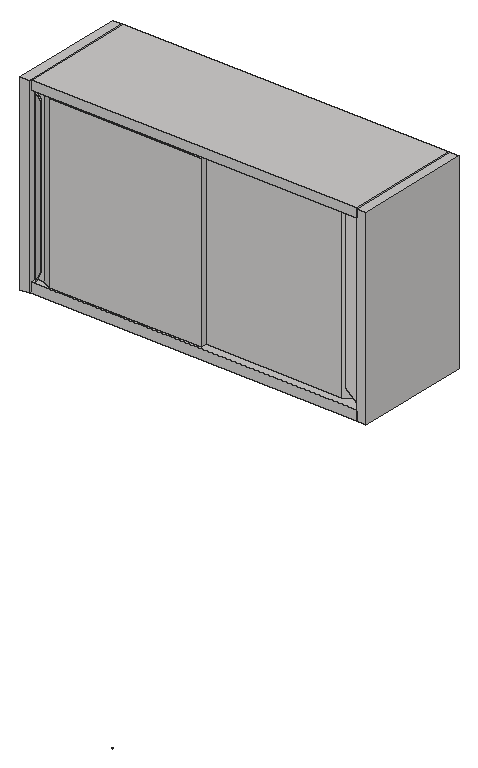
Revit family "QF_ELECTROLUXPROFESSIONAL_121883_TAPC12", category Attrezzature speciali, Revit 2020
Family settings
  Quota connettore circolare = Usa diametro
  Tipo di parte = Normale
  Basato su piano di lavoro = No
  Sempre verticale = Sì
  Taglio con vuoti quando caricato = No
  Condiviso = No
  Punto di calcolo locali = No
Parameters (values of type "Standard")
  Weight = 56.00 kg
  Watts = 0 W
  Volts = 0 V
  URL Manufacturer = "https://www.electroluxprofessional.com/"
  URL = "https://www.electroluxprofessional.com/"
  Steam Supply Size = 0 mm
  Steam Supply Minimum Pressure = 0.0 Pa
  Steam Supply Maximum Pressure = 0.0 Pa
  Steam Consumption per Hour = 0
  Refrigeration Suction Line Size = 0.0 mm
  Refrigeration Liquid Line Size = 0.0 mm
  Refrigerant Compressor Remote = yes
  Prospetto di default = 0.0 mm
  Phase = 0
  Modello = "TAPC12"
  Produttore = "Electrolux Professional"
  Length Actual = 1200.0 mm  # constant formula
  Item Number = "121883"
  Hot Water Size = 0 mm
  Height Actual = 660.0 mm  # constant formula
  HP = "0 HP"
  Gas Size = 0 mm
  Gas KW = 0
  Gas Input Pressure = 0 W
  Direct Waste Size = 0 mm
  Descrizione = "WALL CUPBOARD WITH SLIDING DOORS 1200MM"
  Depth Actual = 400.0 mm  # constant formula
  Cycle = 0 Hz
  Condensate Return Size = 0 mm
  Compressed Air Volume = 0.0 L/s
  Compressed Air Size = 0 mm
  Compressed Air Pressure = 0.0 Pa
  Cold Water Size = 0 mm
  Accessory = yes
Reference planes
  plane 1 "Center (Front/Back)": y = 0
  plane 2: z = 0
  plane 3 "Center (Left/Right)": x = -300
  plane 4 "LEFT": x = -900
  plane 5 "RIGHT": x = 300
  plane 6 "BACK": y = 200
  plane 7 "FRONT": y = -200
  plane 8 "Base": z = 2260
  plane 9 "BASE": z = 1600
  plane 10: x = -866
  plane 11: x = 266
  plane 12: y = -197
  plane 13: y = 170
Forms (mm)
  Extrusion 1, solid, material "QF_Finishes_Stainless Steel"
    sketch origin (0, 0, 1600) x (-1, 0, 0) y (0, -1, 0)
      loop
        line (900, -200) -> (900, 200) -> (866, 200) -> (866, -200) -> (900, -200)
      loop
        line (-266, -200) -> (-266, 200) -> (-300, 200) -> (-300, -200) -> (-266, -200)
    from 0 to 660
  Extrusion 2, solid, material "QF_Finishes_Stainless Steel"
    sketch origin (0, 0, 1600) x (-1, 0, 0) y (0, -1, 0)
      loop
        line (866, -170) -> (866, 197) -> (-266, 197) -> (-266, -170) -> (866, -170)
    from 0 to 35
  Extrusion 3, solid, material "QF_Finishes_Stainless Steel"
    sketch origin (0, 0, 0) x (1, 0, 0) y (0, 1, 0)
      loop
        line (-866, -197) -> (266, -197) -> (266, 200) -> (-866, 200) -> (-866, -197)
    from 2230 to 2260
  Extrusion 4, solid, material "QF_Finishes_Stainless Steel"
    sketch origin (0, 0, 1600) x (-1, 0, 0) y (0, -1, 0)
      loop
        line (866, -200) -> (866, -170) -> (-266, -170) -> (-266, -200) -> (866, -200)
    from 630 to 0
  Extrusion 5, solid, material "QF_Finishes_Stainless Steel"
    sketch origin (0, 0, 0) x (1, 0, 0) y (0, 1, 0)
      loop
        line (-326.5, -177) -> (198, -177) -> (233, -162) -> (263, -162) -> (263, -157) -> (-326.5, -157) -> (-326.5, -177)
    from 1640 to 2225
  Extrusion 6, solid, material "QF_Finishes_Stainless Steel"
    sketch origin (0, 0, 0) x (1, 0, 0) y (0, 1, 0)
      loop
        line (221, -191) -> (249, -176) -> (263, -162) -> (260.172, -162) -> (247.795, -174.377) -> (220.056, -189.237) -> (221, -191)
    from 1640 to 2225
  Extrusion 7, void
    sketch origin (-381.5, -202.5, -15) x (1, 0, 0) y (0, 0, -1)
      loop
        line (597, -1655) -> (597, -1706.75) -> (631.5, -1655) -> (597, -1655)
      loop
        line (601.556, -2240) -> (611.556, -2240)
        arc (611.556, -2240) -> (604.484, -2237.071) -> (601.556, -2230) r 10
        line (601.556, -2230) -> (601.556, -2240)
    from 5.5 to 29.918
  Extrusion 8, solid, material "QF_Finishes_Stainless Steel"
    sketch origin (0, 0, 0) x (1, 0, 0) y (0, 1, 0)
      loop
        line (-273.481, -197) -> (-273.481, -177) -> (-863, -177) -> (-863, -182) -> (-833, -182) -> (-798, -197) -> (-273.481, -197)
    from 1640 to 2225
  Extrusion 9, solid, material "QF_Finishes_Stainless Steel"
    sketch origin (0, 0, 0) x (1, 0, 0) y (0, 1, 0)
      loop
        line (-821, -211) -> (-820.056, -209.237) -> (-847.795, -194.377) -> (-860.172, -182) -> (-863, -182) -> (-849, -196) -> (-821, -211)
    from 1640 to 2225
  Extrusion 10, void
    sketch origin (-218.5, -202.5, -15) x (-1, 0, 0) y (0, 0, 1)
      loop
        line (597, 1655) -> (631.5, 1655) -> (597, 1706.75) -> (597, 1655)
      loop
        line (601.556, 2240) -> (601.556, 2230)
        arc (601.556, 2230) -> (604.484, 2237.071) -> (611.556, 2240) r 10
        line (611.556, 2240) -> (601.556, 2240)
    from -13.118 to 9.689
  Extrusion 11, solid, material "QF_Finishes_Stainless Steel"
    sketch origin (0, 0, 0) x (1, 0, 0) y (0, 1, 0)
      loop
        line (-900, 200) -> (-900, 199) -> (-899, 199) -> (-899, 200) -> (-900, 200)
    from 0 to 1
Cuts and joins
  Extrusion 7 cuts Extrusion 6
  Extrusion 10 cuts Extrusion 9
Lines and regions (mm)
  symbolic lines, style "SpecialityEquipment"
    curve 1: line (300, 200, 2300) -> (-900, 200, 2300)
    curve 2: line (300, -200, 2300) -> (300, 200, 2300)
    curve 3: line (-900, -204.5, 1600) -> (-900, 200, 1600)
    curve 4: line (-900, -200, 1600) -> (-868, -200, 1600)
    curve 5: line (268, -200, 1600) -> (300, -200, 1600)
    curve 7: line (268, -197, 1600) -> (-868, -197, 1600)
    curve 12: line (-847.133, -197, 1600) -> (-820.985, -211.008, 1600)
    curve 13: line (-820.985, -211.008, 1600) -> (-820.038, -209.239, 1600)
    curve 14: line (-842.884, -197, 1600) -> (-820.038, -209.239, 1600)
  symbolic lines, style "SpecialityEquipmentHiddenLines"
    curve 6: line (268, -200, 1600) -> (268, -197, 1600)
    curve 8: line (-868, -197, 1600) -> (-868, -200, 1600)
    curve 9: line (266, -157, 200) -> (-326.5, -157, 200)
    curve 10: line (-326.5, -157, 200) -> (-326.5, -177, 200)
    curve 11: line (199, -177, 200) -> (-863, -177, 200)
    curve 15: line (-273.5, -177, 200) -> (-273.5, -197, 200)
    curve 16: line (198, -177, 1600) -> (233, -162, 1600)
    curve 17: line (233, -162, 1600) -> (263, -162, 1600)
    curve 18: line (263, -162, 1600) -> (263, -157, 1600)
    curve 19: line (220.958, -191.023, 1600) -> (248.999, -176.001, 1600)
    curve 20: line (248.999, -176.001, 1600) -> (263, -162, 1600)
    curve 21: line (260.172, -162, 1600) -> (247.795, -174.377, 1600)
    curve 22: line (247.795, -174.377, 1600) -> (219.992, -189.271, 1600)
    curve 23: line (219.992, -189.271, 1600) -> (220.958, -191.023, 1600)
    curve 24: line (-863, -177, 1600) -> (-863, -182, 1600)
    curve 25: line (-863, -182, 1600) -> (-849, -196, 1600)
    curve 26: line (-849, -196, 1600) -> (-847.133, -197, 1600)
    curve 27: line (-842.884, -197, 1600) -> (-847.955, -194.283, 1600)
    curve 28: line (-847.955, -194.283, 1600) -> (-860.239, -182, 1600)
    curve 29: line (-798, -197, 1600) -> (-833, -182, 1600)
    curve 30: line (-833, -182, 1600) -> (-863, -182, 1600)
  symbolic lines
    curve 31: line (-900, 200, 1600) -> (300, -200, 1600)
    curve 32: line (300, 200, 1600) -> (-900, -200, 1600)
Dimensions and locks
  plane 4 "LEFT" to plane 5 "RIGHT" = 1200.0 mm
  equal spacing: plane 4 "LEFT", plane 3 "Center (Left/Right)", plane 5 "RIGHT"
  plane 6 "BACK" to plane 7 "FRONT" = 400.0 mm
  equal spacing: plane 6 "BACK", plane 1 "Center (Front/Back)", plane 7 "FRONT"
  plane 9 "BASE" to level = 1600.0 mm
  locked: plane 4 "LEFT" to plane 10 at 34
  locked: plane 11 to plane 5 "RIGHT" at 34
  plane 12 to plane 7 "FRONT" = 3.0 mm
  plane 6 "BACK" to plane 13 = 30.0 mm
  locked: plane 8 "Base" to plane 9 "BASE" at 660
  aligned and locked: level to plane 2
  aligned and locked: plane 8 "Base" to Extrusion 1
  aligned and locked: plane 6 "BACK" to Extrusion 1 sketch curve
  aligned and locked: Extrusion 1 sketch curve to plane 6 "BACK"
  aligned and locked: plane 7 "FRONT" to Extrusion 1 sketch curve
  aligned and locked: Extrusion 1 sketch curve to plane 7 "FRONT"
  aligned and locked: plane 10 to Extrusion 1
  aligned and locked: Extrusion 1 to plane 11
  aligned and locked: Extrusion 2 to plane 10
  aligned and locked: plane 11 to Extrusion 2
  aligned and locked: plane 8 "Base" to Extrusion 3
  aligned and locked: Extrusion 2 to plane 12
  aligned and locked: Extrusion 2 to plane 13
  aligned and locked: Extrusion 3 to plane 12
  aligned and locked: plane 10 to Extrusion 4 sketch curve
  aligned and locked: Extrusion 4 sketch curve to plane 11
  aligned and locked: Extrusion 4 sketch curve to plane 6 "BACK"
  aligned and locked: Extrusion 4 sketch curve to plane 13
  aligned and locked: Extrusion 4 to Extrusion 3
  aligned and locked: Extrusion 4 to plane 9 "BASE"
  aligned and locked: plane 6 "BACK" to Extrusion 3
Automatic sketch dimensions
  curve 2 to plane 5 "RIGHT" = 0.0 mm
  curve 2 to plane 7 "FRONT" = 0.0 mm
  curve 1 to plane 4 "LEFT" = 0.0 mm
  curve 1 to plane 6 "BACK" = 0.0 mm
  Extrusion 1 sketch curve to plane 5 "RIGHT" = 0.0 mm
  Extrusion 1 sketch curve to plane 11 = 0.0 mm
  Extrusion 1 sketch curve to plane 10 = 0.0 mm
  Extrusion 1 sketch curve to plane 4 "LEFT" = 0.0 mm
  Extrusion 2 sketch curve to plane 11 = 0.0 mm
  Extrusion 2 sketch curve to plane 10 = 0.0 mm
  plane 13 to Extrusion 2 sketch curve = 0.0 mm
  Extrusion 2 sketch curve to plane 12 = 0.0 mm
  Extrusion 3 sketch curve to plane 6 "BACK" = 0.0 mm
  Extrusion 3 sketch curve to plane 10 = 0.0 mm
  Extrusion 3 sketch curve to plane 11 = 0.0 mm
  Extrusion 3 sketch curve to plane 12 = 0.0 mm
  Extrusion 7 sketch curve to plane 11 = 50.5 mm
  Extrusion 7 sketch curve to plane 11 = 45.944 mm
  Extrusion 7 sketch curve to Extrusion 7 sketch curve = 10.0 mm
  Extrusion 7 sketch curve to plane 11 = 16.0 mm
  Extrusion 7 sketch curve to plane 8 "Base" = 35.0 mm
  plane 9 "BASE" to Extrusion 7 sketch curve = 91.75 mm
  plane 9 "BASE" to Extrusion 7 sketch curve = 40.0 mm
  plane 10 to Extrusion 10 sketch curve = 50.5 mm
  plane 10 to Extrusion 10 sketch curve = 45.944 mm
  Extrusion 10 sketch curve to Extrusion 10 sketch curve = 10.0 mm
  plane 10 to Extrusion 10 sketch curve = 16.0 mm
  plane 9 "BASE" to Extrusion 10 sketch curve = 40.0 mm
  Extrusion 10 sketch curve to Extrusion 10 sketch curve = 51.75 mm
  Extrusion 10 sketch curve to plane 8 "Base" = 45.0 mm
  Extrusion 5 sketch curve to plane 3 "Center (Left/Right)" = 26.5 mm
  plane 12 to Extrusion 5 sketch curve = 20.0 mm
  Extrusion 5 sketch curve to plane 11 = 68.0 mm
  Extrusion 5 sketch curve to plane 11 = 33.0 mm
  Extrusion 5 sketch curve to plane 11 = 3.0 mm
  plane 12 to Extrusion 5 sketch curve = 35.0 mm
  Extrusion 5 sketch curve to Extrusion 5 sketch curve = 5.0 mm
  plane 12 to Extrusion 6 sketch curve = 7.763 mm
  Extrusion 6 sketch curve to plane 11 = 45.944 mm
  plane 12 to Extrusion 6 sketch curve = 6.0 mm
  Extrusion 6 sketch curve to Extrusion 6 sketch curve = 0.944 mm
  Extrusion 6 sketch curve to plane 11 = 18.205 mm
  Extrusion 6 sketch curve to Extrusion 6 sketch curve = 1.205 mm
  Extrusion 6 sketch curve to plane 11 = 5.828 mm
  Extrusion 6 sketch curve to Extrusion 6 sketch curve = 2.828 mm
  Extrusion 6 sketch curve to Extrusion 6 sketch curve = 12.377 mm
  Extrusion 8 sketch curve to plane 12 = 0.0 mm
  plane 10 to Extrusion 8 sketch curve = 3.0 mm
  plane 12 to Extrusion 8 sketch curve = 15.0 mm
  Extrusion 8 sketch curve to Extrusion 8 sketch curve = 30.0 mm
  Extrusion 8 sketch curve to Extrusion 8 sketch curve = 35.0 mm
  plane 3 "Center (Left/Right)" to Extrusion 8 sketch curve = 26.519 mm
  Extrusion 8 sketch curve to Extrusion 8 sketch curve = 5.0 mm
  plane 10 to Extrusion 9 sketch curve = 3.0 mm
  Extrusion 9 sketch curve to Extrusion 9 sketch curve = 2.828 mm
  plane 12 to Extrusion 9 sketch curve = 1.0 mm
  plane 10 to Extrusion 9 sketch curve = 17.0 mm
  plane 12 to Extrusion 9 sketch curve = 2.623 mm
  Extrusion 9 sketch curve to Extrusion 9 sketch curve = 1.205 mm
  Extrusion 9 sketch curve to plane 7 "FRONT" = 11.0 mm
  Extrusion 9 sketch curve to Extrusion 9 sketch curve = 26.795 mm
  plane 12 to Extrusion 9 sketch curve = 15.0 mm
  curve 9 to plane 11 = 0.0 mm
  curve 15 to plane 12 = 0.0 mm
  curve 10 to plane 3 "Center (Left/Right)" = 26.5 mm
  plane 12 to curve 10 = 40.0 mm
  plane 12 to curve 11 = 20.0 mm
  curve 11 to plane 11 = 67.0 mm
  plane 3 "Center (Left/Right)" to curve 15 = 26.5 mm
  plane 10 to curve 11 = 3.0 mm
  curve 31 to plane 5 "RIGHT" = 0.0 mm
  curve 32 to plane 5 "RIGHT" = 0.0 mm
  curve 5 to plane 7 "FRONT" = 0.0 mm
  curve 6 to plane 12 = 0.0 mm
  curve 4 to plane 7 "FRONT" = 0.0 mm
  curve 32 to plane 4 "LEFT" = 0.0 mm
  curve 3 to plane 6 "BACK" = 0.0 mm
  curve 32 to plane 6 "BACK" = 0.0 mm
  plane 11 to curve 5 = 2.0 mm
  curve 18 to plane 11 = 3.0 mm
  curve 19 to plane 11 = 17.001 mm
  curve 19 to curve 21 = 1.204 mm
  curve 21 to curve 17 = 14.795 mm
  plane 12 to curve 23 = 5.977 mm
  curve 16 to curve 23 = 12.042 mm
  plane 12 to curve 23 = 7.729 mm
  curve 19 to curve 23 = 0.966 mm
  curve 14 to plane 7 "FRONT" = 9.239 mm
  plane 10 to curve 14 = 45.962 mm
  curve 12 to plane 7 "FRONT" = 11.008 mm
  curve 13 to curve 12 = 0.948 mm
  plane 12 to curve 29 = 15.0 mm
  curve 29 to curve 14 = 9.884 mm
  plane 12 to curve 27 = 2.717 mm
  curve 12 to curve 27 = 0.822 mm
  plane 12 to curve 25 = 1.0 mm
  curve 27 to curve 25 = 1.045 mm
  plane 10 to curve 30 = 3.0 mm
  curve 4 to plane 10 = 2.0 mm
  plane 12 to curve 20 = 35.0 mm
  curve 21 to curve 22 = 12.377 mm
  curve 21 to curve 20 = 1.624 mm
  curve 17 to curve 21 = 2.828 mm
  plane 12 to curve 16 = 20.0 mm
  curve 22 to curve 16 = 21.992 mm
  curve 29 to curve 13 = 22.038 mm
  curve 27 to curve 14 = 0.0 mm
  curve 26 to curve 12 = 0.0 mm
  curve 28 to curve 24 = 2.761 mm
  curve 18 to curve 17 = 5.0 mm
  curve 24 to curve 24 = 5.0 mm
  curve 3 to plane 7 "FRONT" = 4.5 mm
  Extrusion 11 sketch curve to plane 4 "LEFT" = 0.0 mm
  Extrusion 11 sketch curve to plane 6 "BACK" = 0.0 mm
  plane 4 "LEFT" to Extrusion 11 sketch curve = 1.0 mm
  Extrusion 11 sketch curve to Extrusion 11 sketch curve = 1.0 mm
